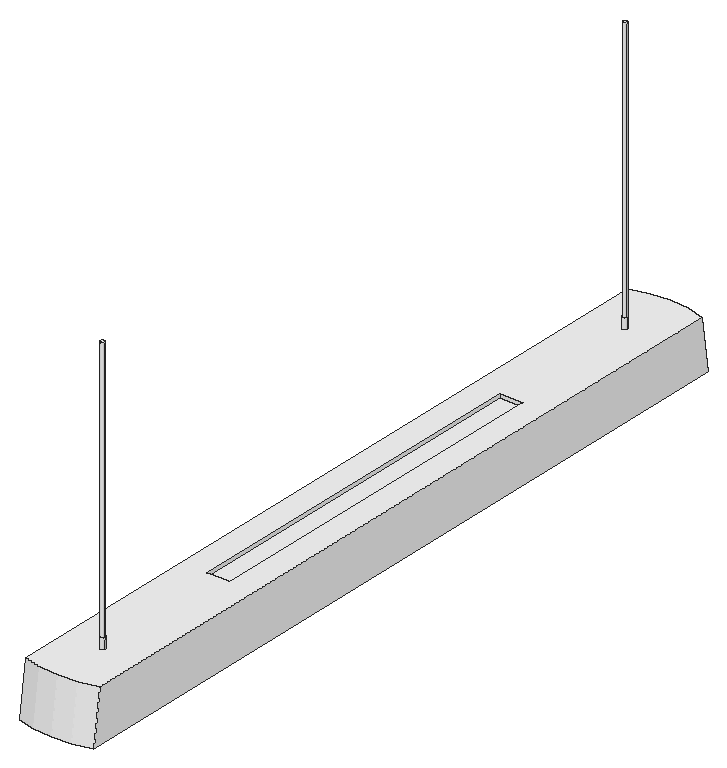
Revit family "Facet II - Generic", category Lighting Fixtures, Revit 2014
Parameters (values of type "Facet II 1200 DI")
  Wattage = 25 W
  WarrantyGuarantorParts = "n/a"
  WarrantyDurationParts = "n/a"
  WarrantyDescription = "n/a"
  built-in parameter 1150110 = 1 (stored number, unit not read)
  Void Thickness = if(Void, -5 mm, 5 mm)  # -5 mm
  Void = yes
  Version = "v.1.0"
  Uniclass2 = "Pr_70_70_49_43 Light-Emitting Diode (LED) Luminaires"
  Uniclass 1.4 = "JY73"
  TotalWattage = "Max. 27W / 37W"
  built-in parameter 1114217 = 1 (stored number, unit not read)
  Tilt Angle = 90.00°
  built-in parameter 1150109 = 1 (stored number, unit not read)
  built-in parameter 1150134 = 12
  TagNumber = "n/a"
  SustainabilityPerformance = "n/a"
  Suspended Distance = 420 mm
  built-in parameter 1150113 = 1 (stored number, unit not read)
  SupplyCircuitConductorConnections = "n/a"
  Size = "112 x 1196 x 80 mm"
  Shape = "Rectangle"
  ProductInformation = "http://riegens.com/facet-ii"
  PhotometricPerformance = "In accordance with BS EN 13032-1"
  Photometric Web File = "Facet II 1200 DI 25W 4000K Lens C.ies"
  PhaseReference = "IEC recommendations"
  Optic = "Direct: Prismatic optic, Indirect: Clear PC."
  NominalVoltage = "220-240V"
  ModelReference = "Facet II 1200 DI"
  Material = "Steel, Lens optic from PMMA and PC."
  ManufacturersSpecificInformation = "n/a"
  ManufacturerURL = "www.riegens.com"
  Manufacturer = "Riegens A/S"
  built-in parameter 1150105 = 254.65 (stored number, unit not read)
  Lumens = 3200 lm
  LuminaireType = "Direct/Indirect LED Luminaire"
  LuminairePowerFactor = ">0,9"
  built-in parameter 1150115 = 1 (stored number, unit not read)
  LightSource = "LED 3000K / 4000K"
  LightFixturePlacingType = "Ceiling"
  LightFixtureMountingType = "Suspended"
  built-in parameter 1150137 = (empty or 0)
  built-in parameter 1150139 = (empty or 0)
  LampType = "LED"
  LampRating = "25W / 35W"
  LampColourRenderingIndex = "Ra>80"
  built-in parameter 1150112 = 1 (stored number, unit not read)
  built-in parameter 1150114 = 1 (stored number, unit not read)
  InternalFuse = "Only required in emergency versions"
  InsulationStandardClass = "Class 1"
  built-in parameter 1150132 = (empty or 0)
  built-in parameter 1150102 = (empty or 0)
  built-in parameter 1150107 = 4000 (stored number, unit not read)
  built-in parameter 1150138 = (empty or 0)
  built-in parameter 1150106 = 2.5465 (stored number, unit not read)
  IfcExportType = "NOTDEFINED"
  IfcExportAs = "IfcLightFixtureType"
  IP_Code = "IP20"
  Height 1 = 80 mm
  HasProtectiveEarth = "TRUE"
  Grade = "n/a"
  Glass Width = 1140 mm
  Glass Depth = 100 mm
  Glass = Riegens_Glass_opal
  Frame Width = 1196 mm
  Frame Depth = 112 mm
  Frame = Riegens_Steel_Powder coated white RAL901025
  Fixing point Suspended = 1000 mm
  Finish = "Powder coated"
  Features = "n/a"
  built-in parameter 1150104 = 11.892 (stored number, unit not read)
  Documentation = "See URL hyperlink"
  DocumentReference = "See URL hyperlink"
  Dimming Lamp Color Temperature Shift = <None>
  Description = "70-80-35 General Lighting Systems"
  ControlGearPosition = "Integrated "
  Constituents = "n/a"
  Colour = "White"
  Color Filter = 16777215
  CodePerformance = "n/a"
  Cassette Width = 560 mm
  Cassette Depth = 0 mm
  CCSTopnode = "L"
  CCSClassName = "Belysningsarmatur"
  CCSClassCode = "UAC"
  BarCode = "n/a"
  BallastsCELMAEnergyEfficiencyIndex = "Class A1/A2"
  built-in parameter 1114218 = 1 (stored number, unit not read)
  BSAB 96 = "SNB.2"
  BIMObjectName = "Facet II 1200 DI.rfa"
  Author = "3dbyggeri"
  built-in parameter 1150133 = 10 (stored number, unit not read)
  AssetType = "Moveable/Fixed"
  AssetIdentifier = "n/a"
  ArticleNumber = "See URL hyperlink"
  AccessibilityPerformance = "n/a"
Types (4, lengths in mm): name | Wattage | Void Thickness | Void | TotalWattage | Suspended Distance | Size | Photometric Web File | ModelReference | built-in parameter 1150105 | Lumens | LuminaireType | LampRating | built-in parameter 1150106 | Glass Width | Glass Depth | Frame Width | Fixing point Suspended | built-in parameter 1150104 | BIMObjectName
  (no name) | 25 W | -5 | yes | "Max. 27W / 37W" | 420 | "112 x 1196 x 80 mm" | "Facet II 1200 DI 25W 4000K Lens C.ies" | "Facet II 1200 DI" | 254.65 (stored number, unit not read) | 3200 lm | "Direct/Indirect LED Luminaire" | "25W / 35W" | 2.5465 (stored number, unit not read) | 1140 | 100 | 1196 | 1000 | 11.892 (stored number, unit not read) | "Facet II 1200 DI.rfa"
  Facet II 1200 Asymmetric | 21 W | 5 | no | "Max. 23W" | 420 | "112 x 1196 x 80 mm" | "Facet II 1200 DA 21W 4000K.ies" | "Facet II 1200 Asymmetric" | 167.11 (stored number, unit not read) | 2100 lm | "Direct Asymmetric LED Luminaire" | "21W" | 1.6711 (stored number, unit not read) | 1108 | 65 | 1196 | 1000 | 9.2903 (stored number, unit not read) | "Facet II 1200 Asymmetric.rfa"
  Facet II 1700 DI | 56 W | -5 | yes | "Max. 58W" | 250 | "112 x 1756 x 80 mm" | "Facet II 1700 DI 56W 4000K Lens C.ies" | "Facet II 1700 DI" | 570.41 (stored number, unit not read) | 7168 lm | "Direct/Indirect LED Luminaire" | "56W" | 5.7041 (stored number, unit not read) | 1700 | 100 | 1756 | 1600 | 11.892 (stored number, unit not read) | "Facet II 1700 DI.rfa"
  Facet II 1200 DI | 25 W | -5 | yes | "Max. 27W / 37W" | 420 | "112 x 1196 x 80 mm" | "Facet II 1200 DI 25W 4000K Lens C.ies" | "Facet II 1200 DI" | 254.65 (stored number, unit not read) | 3200 lm | "Direct/Indirect LED Luminaire" | "25W / 35W" | 2.5465 (stored number, unit not read) | 1140 | 100 | 1196 | 1000 | 11.892 (stored number, unit not read) | "Facet II 1200 DI.rfa"
Reference planes
  plane 1 "Center (Front/Back)": y = 0
  plane 2: z = 0
  plane 3 "Center (Left/Right)": x = 0
  plane 4: y = 576.295
  plane 5: y = -576.295
  plane 6: x = -56
  plane 7: x = 56
  plane 8: y = 598
  plane 9: y = -598
  plane 10: y = 570
  plane 11: y = -570
  plane 12: x = 50
  plane 13: x = -50
  plane 14: y = 500
  plane 15: y = -500
  plane 16: y = 280
  plane 17: y = -280
  plane 18: z = 80
  plane 19: z = 155
  plane 20: z = 95
  plane 21: z = 500
Forms (mm)
  Extrusion 1, solid, material "Riegens_Steel_Powder coated white RAL901025" <- "Frame"
    sketch origin (0, 0, 0) x (1, 0, 0) y (0, 1, 0)
      loop
        line (56, -576.295) -> (56, 576.295) -> (-56, 576.295) -> (-56, -576.295) -> (56, -576.295)
    from 0 to 80
  Blend 2, solid, material "Riegens_Steel_Powder coated white RAL901025" <- "Frame"
    base sketch origin (0, 0.095, 0) x (1, 0, 0) y (0, 1, 0)
      loop
        line (56, 576.2) -> (56, 587.7)
        arc (56, 587.7) -> (0, 597.898) -> (-56, 587.7) r 158.849
        line (-56, 587.7) -> (-56, 576.2) -> (56, 576.2)
    top sketch origin (0, 0.095, 0) x (1, 0, 0) y (0, 1, 0)
      loop
        line (-56, 576.2) -> (56, 576.2)
        arc (56, 576.2) -> (0, 586.398) -> (-56, 576.2) r 158.849
    from 0 to 80
  Extrusion 3, solid, material "Riegens_Glass_opal" <- "Glass"
    sketch origin (0, 0, 0) x (1, 0, 0) y (0, 1, 0)
      loop
        line (-50, 570) -> (-50, -570) -> (50, -570) -> (50, 570) -> (-50, 570)
    from 0 to 2
  Extrusion 4, solid, material "Riegens_Steel_Powder coated white RAL901025" <- "Frame"
    sketch origin (0, 0, 0) x (1, 0, 0) y (0, 1, 0)
      loop
        circle (0, 500) r 4
    from 80 to 95
  Extrusion 5, solid, material "Riegens_Steel_Powder coated white RAL901025" <- "Frame"
    sketch origin (0, 0, 0) x (1, 0, 0) y (0, 1, 0)
      loop
        circle (0, -500) r 4
    from 80 to 95
  Extrusion 6, void
    sketch origin (0, 0, 0) x (1, 0, 0) y (0, 1, 0)
      loop
        line (-50, 570) -> (-50, -570) -> (50, -570) -> (50, 570) -> (-50, 570)
    from 0 to 2
  Blend 7, solid, material "Riegens_Steel_Powder coated white RAL901025" <- "Frame"
    base sketch origin (0, 0, 0) x (1, 0, 0) y (0, 1, 0)
      loop
        line (56, -576.295) -> (-56, -576.295) -> (-56, -587.795)
        arc (-56, -587.795) -> (0, -597.994) -> (56, -587.795) r 158.849
        line (56, -587.795) -> (56, -576.295)
    top sketch origin (0, 0, 0) x (1, 0, 0) y (0, 1, 0)
      loop
        arc (-56, -576.295) -> (0, -586.494) -> (56, -576.295) r 158.849
        line (56, -576.295) -> (-56, -576.295)
    from 0 to 80
  Extrusion 8, void
    sketch origin (0, 0, 80) x (1, 0, 0) y (0, 1, 0)
      loop
        line (-16.028, 280) -> (-16.028, -280) -> (18.972, -280) -> (18.972, 280) -> (-16.028, 280)
    from 0 to -5 <- "Void Thickness"
  Extrusion 9, solid, material "Riegens_Steel_Powder coated white RAL901025" <- "Frame"
    sketch origin (0, 0, 0) x (1, 0, 0) y (0, 1, 0)
      loop
        circle (0, 500) r 3
      loop
        circle (0, -500) r 3
    from 95 to 500
Cuts and joins
  Extrusion 6, Extrusion 8 cuts Extrusion 1
  joined: Extrusion 1, Blend 2, Blend 7
Dimensions and locks
  equal spacing: plane 6, plane 3 "Center (Left/Right)", plane 7
  "Frame Depth": plane 6 to plane 7
  "Glass Depth": plane 13 to plane 12
  "Glass Width": plane 10 to plane 11
  "Frame Width": plane 8 to plane 9
  "Cassette Width": plane 16 to plane 17
  locked: plane 8 to plane 4 at 21.705
  locked: plane 9 to plane 5 at 21.705
  equal spacing: plane 13, plane 3 "Center (Left/Right)", plane 12
  equal spacing: plane 16, plane 1 "Center (Front/Back)", plane 17
  equal spacing: plane 10, plane 1 "Center (Front/Back)", plane 11
  equal spacing: plane 8, plane 1 "Center (Front/Back)", plane 9
  plane 19 to plane 20 = 60 mm
  locked: plane 20 to plane 18 at 15
  "Height 1": plane 18 to plane 2
  "Suspended Distance": plane 21 to plane 18
  equal spacing: plane 15, plane 1 "Center (Front/Back)", plane 14
  "Fixing point Suspended": plane 15 to plane 14
  aligned and locked: plane 2 to level
  aligned and locked: plane 5 to Extrusion 1
  aligned and locked: plane 4 to Extrusion 1
  aligned and locked: Blend 2 to plane 4  (x2)
  aligned and locked: Blend 7 to Extrusion 1
  aligned and locked: plane 10 to Extrusion 6
  aligned and locked: plane 10 to Extrusion 3
  aligned and locked: Extrusion 6 to plane 11  (x2)
  aligned and locked: Extrusion 6 to plane 12
  aligned and locked: Extrusion 3 to plane 12
  aligned and locked: plane 13 to Extrusion 6
  aligned and locked: plane 13 to Extrusion 3
  aligned and locked: plane 15 to Extrusion 5 sketch curve
  aligned and locked: plane 14 to Extrusion 4 sketch curve
  aligned and locked: plane 18 to cut or joined group of Extrusion 1, Blend 2, Extrusion 6, Blend 7, Extrusion 8  (x3)
  aligned and locked: plane 20 to Extrusion 5
  aligned and locked: Extrusion 4 to plane 18
  aligned and locked: plane 20 to Extrusion 4
  aligned and locked: plane 16 to Extrusion 8
  aligned and locked: Extrusion 8 to plane 17
  aligned and locked: imposter light to plane 1 "Center (Front/Back)"
  aligned and locked: plane 3 "Center (Left/Right)" to imposter light
  aligned and locked: plane 2 to imposter light
  aligned and locked: plane 3 "Center (Left/Right)" to Extrusion 9 sketch curve  (x2)
  aligned and locked: plane 14 to Extrusion 9 sketch curve
  aligned and locked: plane 15 to Extrusion 9 sketch curve
  aligned and locked: Extrusion 9 to plane 20
  aligned and locked: plane 21 to Extrusion 9
  aligned and locked: Extrusion 5 to plane 18
Automatic sketch dimensions
  Extrusion 4 sketch curve to plane 3 "Center (Left/Right)" = 0 mm
  Extrusion 5 sketch curve to plane 3 "Center (Left/Right)" = 0 mm
  plane 5 to Extrusion 1 sketch curve = 0 mm
  Extrusion 1 sketch curve to plane 6 = 0 mm
  Extrusion 1 sketch curve to plane 4 = 0 mm
  Extrusion 1 sketch curve to plane 7 = 0 mm
  Blend 2 sketch curve to plane 4 = 0 mm  (x2)
  Blend 2 sketch curve to plane 6 = 0 mm  (x2)
  Blend 2 sketch curve to plane 3 "Center (Left/Right)" = 0 mm  (x2)
  Blend 2 sketch curve to plane 7 = 0 mm
  Blend 2 sketch curve to plane 14 = 60.855 mm
  Blend 2 sketch curve to plane 8 = 10.205 mm
  Blend 2 sketch curve to plane 14 = 72.355 mm
  Extrusion 3 sketch curve to plane 11 = 0 mm
  Extrusion 3 sketch curve to plane 13 = 0 mm
  Extrusion 3 sketch curve to plane 12 = 0 mm
  Extrusion 3 sketch curve to plane 10 = 0 mm
  Extrusion 6 sketch curve to plane 11 = 0 mm
  Extrusion 6 sketch curve to plane 13 = 0 mm
  Extrusion 6 sketch curve to plane 12 = 0 mm
  Extrusion 6 sketch curve to plane 10 = 0 mm
  plane 5 to Blend 7 sketch curve = 0 mm  (x2)
  Blend 7 sketch curve to plane 6 = 0 mm  (x2)
  Blend 7 sketch curve to plane 3 "Center (Left/Right)" = 0 mm  (x2)
  Blend 7 sketch curve to plane 7 = 0 mm
  plane 15 to Blend 7 sketch curve = 60.855 mm
  Blend 7 sketch curve to plane 9 = 10.205 mm
  plane 15 to Blend 7 sketch curve = 72.355 mm
  Extrusion 8 sketch curve to Extrusion 1 = 39.972 mm
  Extrusion 8 sketch curve to Extrusion 8 sketch curve = 35 mm
  Extrusion 8 sketch curve to Extrusion 1 = 296.295 mm  (x2)
  radius of Extrusion 4 sketch curve = 4 mm
  radius of Extrusion 5 sketch curve = 4 mm
  radius of Extrusion 9 sketch curve = 3 mm  (x2)
Connectors
  electrical at (0, 0, 80)
    settings: on cut or joined group of Extrusion 1, Blend 2, Extrusion 6, Blend 7, Extrusion 8, index 1, voltage 0 V, apparent load 0 VA, apparent load phase1 0 VA, apparent load phase2 0 VA, apparent load phase3 0 VA, power factor 1, load classification "Other", number of poles 1, system type 31, power factor state 1, is connector primary yes, connector utility no, sub classification motor no, connector description ""
